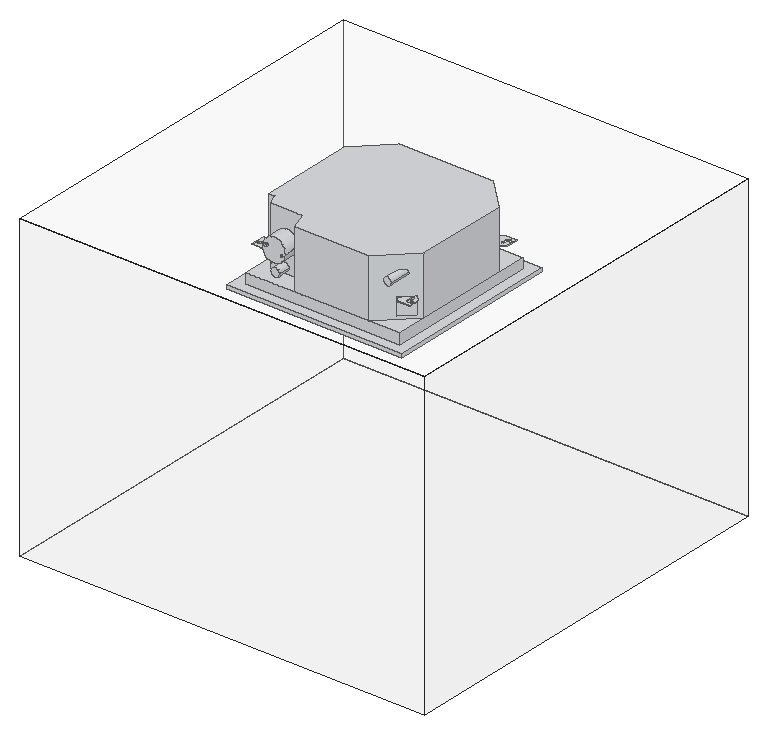
Revit family "plfy-mp22_71gm_50Hz", category 機械設備, Revit 2019
Family settings
  丸型コネクタ寸法 = 直径を使用
  パーツ タイプ = 標準
  OmniClass 番号 = 23.75.10.24.21.27.27
  OmniClass タイトル = Split System Air Conditioning Units
  作業面ベース = いいえ
  常に垂直 = はい
  ロード時にボイドで切り取り = いいえ
  共有 = いいえ
  部屋計算ポイント = はい
Parameters (values of type "天井4方向_PLFY-MP22GM")
  風量_弱 (㎥/min) = 8.5
  風量_強 (㎥/min) = 10
  風量_中2 (㎥/min) = 9
  風量_中 (㎥/min) = 9.5
  風量 = MAX風量  # 600.0 m³/h
  音響パワーレベル_強 (dB) = 50
  音響パワーレベル_弱 (dB) = 47
  音響パワーレベル_中2 (dB) = 48
  音響パワーレベル_中 (dB) = 49
  音響パワーレベル(dB) = [音響パワーレベル_強 (dB)]  # 50
  電源種別 = ""
  電源_H = 0 mm
  電圧 = 200 V
  電動機出力_送風機 = 0.05 kW
  運転質量 = 0.00 kg
  連動 = ""
  質量 = if(製品質量 > 運転質量, 製品質量, 運転質量) * 1.2  # 23.52 kg
  負荷分類 = 3_ファン類
  製品質量_本体 = 16.00 kg
  製品質量_パネル = 3.60 kg
  構成品番 = "PLFY-MP22GM"
  ドレン管径 (外径) = 32.00 mm
  ドレン管径 = 25.00 mm
  サービススペース = yes
  【値が 0 の項目は組合せ形名にてご確認ください】 = ""
  URL = "https://www.mitsubishielectric.co.jp/ldg/wink/ssl/top.do"
  説明 = "ビル用マルチ 4方向天井カセット形<コンパクトタイプ>"
  設計暖房能力 = 0.00 kW
  設計冷房能力_顕熱 = 0 kW
  設計冷房能力 = 0 kW
  設置方法 = "カセット形"
  記号 = ""
  製造元 = "三菱電機株式会社"
  製品質量 = 製品質量_本体 + 製品質量_パネル  # 19.60 kg
  製品出荷対象 = "国内"
  製品リリース年月 = ""
  製品グループ = ""
  系統 = ""
  符号 = "PAC-CK4"
  積算_科目 = "1 空気調和設備"
  積算_拾い区分 [instance] = ""
  相 = 1
  盤記号 = ""
  発停方法 = "付属スイッチ"
  特殊仕様 = ""
  火災停止 = ""
  消費電力_暖房 = 0.02 kW
  消費電力_冷房 = 0.02 kW
  消費電力 = if(消費電力_冷房 > 消費電力_暖房, 消費電力_冷房, 消費電力_暖房)  # 0.02 kW
  法定耐用年数 = "6"
  極数 = 1
  材質 = ""
  本体マテリアル = none
  有効加湿量 = 0
  暖房能力 = 2.50 kW
  推奨ブレーカー容量 = 0 A
  形式_加湿器 = ""
  形式 = "カセット形（4方向吹出形）"
  幹線記号 = ""
  始動方式 = "直入"
  呼称 = "パッケージ形空気調和機_室内機"
  周波数 = 50 Hz
  吊り位置Y = 507 mm
  吊り位置X = 640 mm
  吊りボルト_H = 134 mm
  台数_手元リモコン = ""
  台数_冷媒分岐ユニット = ""
  参照している仕様書等のバージョン = "公共建築工事標準仕様書（機械設備工事編）平成31年度版"
  分類コード = "50053003123030"
  分類グループ = ""
  冷房能力 = 2.2 kW
  冷媒管径符号 = "Ac"
  冷媒管径 = 100.00 mm
  冷媒液管高さ = 159 mm
  冷媒液管長さ = 71 mm
  冷媒液管径 = 6.35 mm
  冷媒ガス管高さ = 183 mm
  冷媒ガス管長さ = 76 mm
  冷媒ガス管径 = 12.70 mm
  企業コード = "108420"
  付属品_フィルター = ""
  付属品 = ""
  仕様書バージョン = "Version1.0"
  Model = ""
  パネルマテリアル = none
  ドレン管高さ = 227 mm
  コメント [instance] = ""
  ケーブル種類 = ""
  ケーブルサイズ = 0 mm
  Width = 670 mm
  Version = ""
  Uniclass2015Version = "Systems v1.9"
  Uniclass2015Title = "Split coil remote air cooled condensing units"
  Uniclass2015Code = "Pr_70_65_03_84"
  SpecificationReference = ""
  SpecificationDescription = ""
  Revision = ""
  ProductInformation = ""
  Panel Width = 760 mm
  Panel Height = 15 mm
  Panel Depth = 760 mm
  OmniClassCode = "23-33 17 13 11"
  MIN風量 = [風量_弱 (㎥/min)] * 60.0 m³/h  # 510.0 m³/h
  MID風量2 = [風量_中2 (㎥/min)] * 60.0 m³/h  # 540.0 m³/h
  MID風量 = [風量_中 (㎥/min)] * 60.0 m³/h  # 570.0 m³/h
  MAX風量 = [風量_強 (㎥/min)] * 60.0 m³/h  # 600.0 m³/h
  IfcTypeProduct = ""
  IfcProduct = ""
  IfcExportType = "AIRCONDITIONINGUNIT"
  IfcExportAs = "IfcUnitaryEquipmentType"
  Height = 298 mm
  Depth = 670 mm
  価格 = 0
  Clearance Top = 305 mm
  Clearance Right = 500 mm
  Clearance Left = 500 mm
  Clearance Front = 500 mm
  Clearance Bottom = 1000 mm
  Clearance Back = 500 mm
  Author = "三菱電機株式会社"
Types (6, lengths in mm): name | 風量_弱 (㎥/min) | 風量_強 (㎥/min) | 風量_中2 (㎥/min) | 風量_中 (㎥/min) | 風量 | 音響パワーレベル_強 (dB) | 音響パワーレベル_弱 (dB) | 音響パワーレベル_中2 (dB) | 音響パワーレベル_中 (dB) | 音響パワーレベル(dB) | 質量 | 製品質量_本体 | 構成品番 | 製品質量 | 消費電力_暖房 | 消費電力_冷房 | 消費電力 | 暖房能力 | 冷房能力 | 冷媒管径符号 | 冷媒液管長さ | 冷媒液管径 | 冷媒ガス管長さ | 冷媒ガス管径 | MIN風量 | MID風量2 | MID風量 | MAX風量
  天井4方向_PLFY-MP22GM | 8.5 | 10 | 9 | 9.5 | 600.0 m³/h | 50 | 47 | 48 | 49 | 50 | 23.52 kg | 16.00 kg | "PLFY-MP22GM" | 19.60 kg | 0.02 kW | 0.02 kW | 0.02 kW | 2.50 kW | 2.2 kW | "Ac" | 71 | 6.35 | 76 | 12.70 | 510.0 m³/h | 540.0 m³/h | 570.0 m³/h | 600.0 m³/h
  天井4方向_PLFY-MP28GM | 8.5 | 10 | 9 | 9.5 | 600.0 m³/h | 50 | 47 | 48 | 49 | 50 | 23.52 kg | 16.00 kg | "PLFY-MP28GM" | 19.60 kg | 0.02 kW | 0.02 kW | 0.02 kW | 3.20 kW | 2.8 kW | "Ac" | 71 | 6.35 | 76 | 12.70 | 510.0 m³/h | 540.0 m³/h | 570.0 m³/h | 600.0 m³/h
  天井4方向_PLFY-MP36GM | 9.5 | 12 | 10 | 10.5 | 720.0 m³/h | 54 | 49 | 50 | 51 | 54 | 23.52 kg | 16.00 kg | "PLFY-MP36GM" | 19.60 kg | 0.03 kW | 0.03 kW | 0.03 kW | 4.00 kW | 3.6 kW | "Ac" | 71 | 6.35 | 76 | 12.70 | 570.0 m³/h | 600.0 m³/h | 630.0 m³/h | 720.0 m³/h
  天井4方向_PLFY-MP45GM | 9.5 | 12.5 | 10 | 10.5 | 750.0 m³/h | 54 | 49 | 50 | 52 | 54 | 23.52 kg | 16.00 kg | "PLFY-MP45GM" | 19.60 kg | 0.03 kW | 0.03 kW | 0.03 kW | 5.00 kW | 4.5 kW | "Ac" | 71 | 6.35 | 76 | 12.70 | 570.0 m³/h | 600.0 m³/h | 630.0 m³/h | 750.0 m³/h
  天井4方向_PLFY-MP56GM | 10 | 13 | 11.5 | 12.5 | 780.0 m³/h | 55 | 50 | 53 | 54 | 55 | 24.72 kg | 17.00 kg | "PLFY-MP56GM" | 20.60 kg | 0.03 kW | 0.03 kW | 0.03 kW | 6.30 kW | 5.6 kW | "Ac" | 71 | 6.35 | 76 | 12.70 | 600.0 m³/h | 690.0 m³/h | 750.0 m³/h | 780.0 m³/h
  天井4方向_PLFY-MP71GM | 11 | 15 | 11.5 | 12.5 | 900.0 m³/h | 58 | 53 | 54 | 56 | 58 | 24.72 kg | 17.00 kg | "PLFY-MP71GM" | 20.60 kg | 0.04 kW | 0.04 kW | 0.04 kW | 8.00 kW | 7.1 kW | "Bd" | 75 | 9.52 | 80 | 15.88 | 660.0 m³/h | 690.0 m³/h | 750.0 m³/h | 900.0 m³/h
Reference planes
  plane 1 "中心(正面/背面)": y = 0
  plane 2: z = 0
  plane 3 "中心(左/右)": x = 0
  plane 4: x = -380
  plane 5: x = 380
  plane 6: y = 380
  plane 7: y = -380
  plane 8: z = 298
  plane 9: z = 305
  plane 10: x = -320
  plane 11: x = 320
  plane 12: y = 253.5
  plane 13: y = -253.5
  plane 14: z = 46
  plane 15: y = 335
  plane 16: y = -335
  plane 17: x = -335
  plane 18: x = 335
  plane 19: x = -880
  plane 20: x = 880
  plane 21: y = 880
  plane 22: y = -880
  plane 23: z = 298
  plane 24: z = -15
  plane 25: z = -1015
  plane 26: z = 305
  plane 27 "冷媒管基準面": y = -255
  plane 28: x = -186
  plane 29: z = 159
  plane 30: y = -331
  plane 31: y = -326
Forms (mm)
  Extrusion 1, solid, detail levels fine
    sketch origin (0, -255, 15) x (1, 0, 0) y (0, 0, 1)
      loop
        circle (-186, 144) r 3.175
    from 0 to 71
  Extrusion 2, solid, detail levels fine
    sketch origin (-67, -255, 39) x (1, 0, 0) y (0, 0, 1)
      loop
        circle (-186, 144) r 6.35
    from 0 to 76
Dimensions and locks
  equal spacing: plane 4, plane 3 "中心(左/右)", plane 5
  plane 4 to plane 5 = 760 mm
  equal spacing: plane 7, plane 1 "中心(正面/背面)", plane 6
  plane 7 to plane 6 = 760 mm
  locked: plane 12 to plane 6 at 126.5
  plane 7 to plane 13 = 126.5 mm
  plane 4 to plane 10 = 60 mm
  locked: plane 11 to plane 5 at 60
  "吊り位置X": plane 10 to plane 11
  equal spacing: plane 10, plane 3 "中心(左/右)", plane 11
  equal spacing: plane 13, plane 1 "中心(正面/背面)", plane 12
  "吊り位置Y": plane 13 to plane 12
  equal spacing: plane 16, plane 1 "中心(正面/背面)", plane 15
  "Depth": plane 16 to plane 15
  equal spacing: plane 17, plane 3 "中心(左/右)", plane 18
  "Width": plane 17 to plane 18
  locked: plane 14 to level at 46
  "Clearance Left": plane 19 to plane 4
  "Clearance Right": plane 5 to plane 20
  "Clearance Back": plane 6 to plane 21
  locked: level to plane 24 at 15
  "Clearance Bottom": plane 24 to plane 25
  "Clearance Front": plane 22 to plane 7
  "Clearance Top": plane 26 to plane 2
  "Height": level to nested 3
  plane 29 to plane 2 = 159 mm
  nested 3 to level = 134 mm
  "冷媒液管長さ": plane 31 to plane 27 "冷媒管基準面"
  "冷媒ガス管長さ": plane 30 to plane 27 "冷媒管基準面"
  aligned and locked: level to plane 2
  aligned and locked: plane 10 to nested 2
  aligned and locked: plane 11 to nested 2
  aligned and locked: nested 2 to plane 12
  aligned and locked: plane 13 to nested 2
  aligned and locked: plane 19 to nested 1
  aligned and locked: plane 20 to nested 1
  aligned and locked: plane 22 to nested 1
  aligned and locked: plane 21 to nested 1
  aligned and locked: plane 25 to nested 1
  aligned and locked: plane 5 to nested 3
  aligned and locked: plane 15 to nested 3
  aligned and locked: plane 6 to nested 3
  aligned and locked: plane 7 to nested 3
  aligned and locked: plane 26 to nested 1
  aligned and locked: plane 31 to Extrusion 1
  aligned and locked: plane 30 to Extrusion 2
Automatic sketch dimensions
  Extrusion 1 sketch curve to plane 28 = 0 mm
  Extrusion 1 sketch curve to plane 29 = 0 mm
  plane 29 to Extrusion 2 sketch curve = 24 mm
  plane 10 to Extrusion 2 sketch curve = 67 mm
  radius of Extrusion 1 sketch curve = 3.175 mm
  radius of Extrusion 2 sketch curve = 6.35 mm
Nested families
  nested 1: "サービススペース" at (0, 0, -355), visible <- "サービススペース", type "サービススペース"
    with Width 1760 mm, Height 1320 mm, Depth 1760 mm
  nested 2: "固定点" at (-320, -253.5, 0), type "固定点"
    with W 640 mm, D 507 mm
  nested 3: "PL-RP○○GA3" at (0, 0, 0), type "PL-RP○○GA3"
    with ユニット表示 yes, 液配管サイズ 6.35 mm
Connectors
  piping at (-219.5, -326, 171), diameter 100, driven by "冷媒管径", driven by "冷媒管径符号"
    settings: on nested 3, index 1, connector inside diameter 609.60 mm, connector length 0 mm, flow factor 0, pipe flow 0.0 L/s, pressure drop 0.0 Pa, fitting loss kfactor 0, connector angle 0.00°, fixture units 0, engagement length 0 mm, angle of deflection 0.00°, flow configuration 1, flow direction 1, fitting loss method 4, system type 7, joint type 0, gender type 0, connector reference index -1, connector utility 0, adjustable connector no, is connector primary yes, connector description "Ac"
  piping at (281, -332, 227), diameter 25, driven by "ドレン管径"
    settings: on nested 3, index 2, connector inside diameter 609.60 mm, connector length 0 mm, flow factor 0, pipe flow 0.0 L/s, pressure drop 0.0 Pa, fitting loss kfactor 0, connector angle 0.00°, fixture units 0, engagement length 0 mm, angle of deflection 0.00°, flow configuration 1, flow direction 2, fitting loss method 4, system type 16, joint type 0, gender type 0, connector reference index -1, connector utility 0, adjustable connector no, is connector primary no, connector description ""
  electrical at (-230, -305, 70), driven by "極数", driven by "負荷分類", driven by "電圧", driven by "消費電力"
    settings: on nested 3, index 3, voltage 200 V, apparent load 20 VA, apparent load phase1 0 VA, apparent load phase2 0 VA, apparent load phase3 0 VA, power factor 1, load classification "3_ファン類", number of poles 1, system type 30, power factor state 1, is connector primary yes, connector utility no, sub classification motor no, connector description ""
Definition of nested family "サービススペース"
  Parameters (values of type "サービススペース")
    Width [instance] = 500 mm
    Height [instance] = 500 mm
    Depth [instance] = 500 mm
  Reference planes
    plane 1 "中心(正面/背面)": y = 0
    plane 2: z = 0
    plane 3 "中心(左/右)": x = 0
    plane 4: y = -250
    plane 5: x = 250
    plane 6: y = 250
    plane 7: x = -250
    plane 8: z = 250
    plane 9: z = -250
  Forms (mm)
    Extrusion 1, solid
      sketch origin (-638.939, 0, 72.39) x (1, 0, 0) y (0, 1, 0)
        loop
          line (388.939, 250) -> (388.939, -250) -> (888.939, -250) -> (888.939, 250) -> (388.939, 250)
      from -322.39 to 177.61
  Lines and regions (mm)
    symbolic lines
      curve 1: line (-250, 0, 250) -> (250, 0, 250)
      curve 2: line (-250, 0, -250) -> (-250, 0, 250)
      curve 3: line (250, 0, -250) -> (-250, 0, -250)
      curve 4: line (250, 0, 250) -> (250, 0, -250)
      curve 5: line (0, -250, 250) -> (0, 250, 250)
      curve 6: line (0, -250, -250) -> (0, -250, 250)
      curve 7: line (0, 250, -250) -> (0, -250, -250)
      curve 8: line (0, 250, 250) -> (0, 250, -250)
      curve 9: line (-250, 250, 0) -> (250, 250, 0)
      curve 10: line (-250, -250, 0) -> (-250, 250, 0)
      curve 11: line (250, -250, 0) -> (-250, -250, 0)
      curve 12: line (250, 250, 0) -> (250, -250, 0)
  Dimensions and locks
    equal spacing: plane 7, plane 3 "中心(左/右)", plane 5
    equal spacing: plane 4, plane 1 "中心(正面/背面)", plane 6
    "Depth": plane 4 to plane 6
    "Width": plane 7 to plane 5
    equal spacing: plane 8, plane 2, plane 9
    "Height": plane 8 to plane 9
    aligned and locked: plane 9 to curve 3
    aligned and locked: plane 7 to curve 2
    aligned and locked: curve 4 to plane 5
    aligned and locked: plane 5 to Extrusion 1
    aligned and locked: Extrusion 1 to plane 7
    aligned and locked: Extrusion 1 to plane 9
    aligned and locked: plane 8 to Extrusion 1
    aligned and locked: plane 9 to curve 7
  Automatic sketch dimensions
    plane 4 to Extrusion 1 sketch curve = 0 mm
    Extrusion 1 sketch curve to plane 7 = 0 mm
    Extrusion 1 sketch curve to plane 5 = 0 mm
    plane 6 to Extrusion 1 sketch curve = 0 mm
    curve 2 to plane 8 = 0 mm
    plane 4 to curve 11 = 0 mm
    curve 11 to plane 7 = 0 mm
    curve 11 to plane 5 = 0 mm
    plane 6 to curve 10 = 0 mm
    curve 7 to plane 4 = 0 mm
    curve 7 to plane 6 = 0 mm
    curve 6 to plane 8 = 0 mm
Definition of nested family "PL-RP○○GA3"
  Parameters (values of type "PL-RP○○GA3")
    配線取出口サイズ = 36 mm
    配線取出口-Z = 70 mm
    配線取出口-Y = 50 mm
    配線取出口-X = 230 mm
    液配管サイズ = 6.4 mm
    A = 幅さ + 90 mm  # 760 mm
    高さ = 298 mm
    奥行き = 670 mm
    吊りボルト_H = 134 mm
    冷媒配管 = 100 mm
    冷媒液管径-Z = 159 mm
    冷媒液管径-Y = 71 mm
    冷媒液管径-X = 186 mm
    冷媒ガス管径-Z = 183 mm
    冷媒ガス管径-Y = 76 mm
    冷媒ガス管径-X = 253 mm
    ユニット表示 [instance] = yes
    ボルトピッチ = 507 mm
    ドレン配管サイズ = 32 mm
    ドレン管径-Z = 227 mm
    ドレン管径-Y = 77 mm
    ドレン管径-X = 281 mm
    ガス配管サイズ = 12.7 mm
    D = 幅さ - 30 mm  # 640 mm
    幅さ = 670 mm
    B = 幅さ + 40 mm  # 710 mm
  Reference planes
    plane 1 "中心(正面/背面)": y = 0
    plane 2: z = 0
    plane 3 "中心(左/右)": x = 0
    plane 4: x = -355
    plane 5: x = 355
    plane 6: x = -335
    plane 7: x = 335
    plane 8: x = -320
    plane 9: x = 320
    plane 10: y = 253.5
    plane 11: y = -253.5
    plane 12: y = 335
    plane 13: y = -335
    plane 14: x = -380
    plane 15: x = 380
    plane 16: z = -15
    plane 17: z = 46
    plane 18: z = 298
    plane 19: z = 134
    plane 20: z = 136
    plane 21: z = 227
    plane 22: z = 159
    plane 23: z = 183
    plane 24: z = 60
    plane 25: y = 380
    plane 26: y = -380
    plane 27: x = -253
    plane 28: x = -150
    plane 29: x = -123
    plane 30: x = -186
    plane 31: x = 281
    plane 32: x = 202
    plane 33: y = -255
    plane 34: y = -207
    plane 35: y = -331
    plane 36: y = -326
    plane 37 "ドレン管接続口": y = -332
    plane 38: y = -202
    plane 39: y = 291.5
    plane 40: y = 275.5
    plane 41: y = 263.5
    plane 42: x = -326
    plane 43: x = -314
    plane 44: x = -343
    plane 45: x = 314
    plane 46: x = 326
    plane 47: x = 343
    plane 48: y = -291.5
    plane 49: y = -275.5
    plane 50: y = -263.5
    plane 51: x = -230
    plane 52: y = 202
    plane 53: x = -202
    plane 54: z = 70
    plane 55: y = -305
  Forms (mm)
    Extrusion 1, solid, visible <- "ユニット表示"
      sketch origin (0, 0, 0) x (1, 0, 0) y (0, 1, 0)
        loop
          line (-380, 380) -> (-380, -380) -> (380, -380) -> (380, 380) -> (-380, 380)
      from -15 to 0
    Extrusion 2, solid, visible <- "ユニット表示", detail levels fine
      sketch origin (0, 0, 0) x (1, 0, 0) y (0, 1, 0)
        loop
          line (-203.39, 335) -> (-335, 203.39) -> (-335, -207) -> (-309.258, -207) -> (-288.883, -255) -> (-150, -255) -> (-123.033, -335) -> (202, -335) -> (335, -202) -> (335, 203.39) -> (203.39, 335) -> (-203.39, 335)
      from 46 to 298
    Extrusion 3, solid, visible <- "ユニット表示", detail levels fine
      sketch origin (0, 0, 0) x (1, 0, 0) y (0, 1, 0)
        loop
          line (335, 335) -> (-335, 335) -> (-335, -335) -> (335, -335) -> (335, 335)
      from 0 to 46
    Extrusion 4, solid, visible <- "ユニット表示", detail levels fine
      sketch origin (0, 0, 0) x (1, 0, 0) y (0, 0, 1)
        loop
          circle (-219.5, 171) r 50
      from 255 to 326
    Extrusion 5, solid, visible <- "ユニット表示", detail levels fine
      sketch origin (0, 0, 0) x (1, 0, 0) y (0, 1, 0)
        loop
          line (-343, -291.5) -> (-300.314, -291.5) -> (-290.686, -250.751) -> (-306.998, -212.324) -> (-343, -227.606) -> (-343, -263.5) -> (-329, -263.5)
          arc (-329, -263.5) -> (-326.879, -262.621) -> (-326, -260.5) r 3
          line (-326, -260.5) -> (-326, -249.5)
          arc (-326, -249.5) -> (-320, -243.5) -> (-314, -249.5) r 6
          line (-314, -249.5) -> (-314, -269.478)
          arc (-314, -269.478) -> (-315.757, -273.721) -> (-320, -275.5) r 6
          line (-320, -275.5) -> (-343, -275.5) -> (-343, -291.5)
        loop
          line (-343, 275.5) -> (-320, 275.5)
          arc (-320, 275.5) -> (-315.757, 273.743) -> (-314, 269.5) r 6
          line (-314, 269.5) -> (-314, 249.5)
          arc (-314, 249.5) -> (-320, 243.5) -> (-326, 249.5) r 6
          line (-326, 249.5) -> (-326, 260.5)
          arc (-326, 260.5) -> (-326.879, 262.621) -> (-329, 263.5) r 3
          line (-329, 263.5) -> (-343, 263.5) -> (-343, 244.959) -> (-318.215, 220.175) -> (-270.214, 268.176) -> (-293.539, 291.5) -> (-343, 291.5) -> (-343, 275.5)
        loop
          line (343, 291.5) -> (293.539, 291.5) -> (270.214, 268.176) -> (318.215, 220.175) -> (343, 244.959) -> (343, 263.5) -> (329, 263.5)
          arc (329, 263.5) -> (326.879, 262.621) -> (326, 260.5) r 3
          line (326, 260.5) -> (326, 249.5)
          arc (326, 249.5) -> (320, 243.5) -> (314, 249.5) r 6
          line (314, 249.5) -> (314, 269.5)
          arc (314, 269.5) -> (315.757, 273.743) -> (320, 275.5) r 6
          line (320, 275.5) -> (343, 275.5) -> (343, 291.5)
        loop
          line (293.539, -291.5) -> (343, -291.5) -> (343, -275.5) -> (320, -275.5)
          arc (320, -275.5) -> (315.757, -273.743) -> (314, -269.5) r 6
          line (314, -269.5) -> (314, -249.5)
          arc (314, -249.5) -> (320, -243.5) -> (326, -249.5) r 6
          line (326, -249.5) -> (326, -260.5)
          arc (326, -260.5) -> (326.879, -262.621) -> (329, -263.5) r 3
          line (329, -263.5) -> (343, -263.5) -> (343, -244.959) -> (317.52, -219.48) -> (269.519, -267.481) -> (293.539, -291.5)
      from 134 to 136
    Extrusion 6, solid, visible <- "ユニット表示", detail levels fine
      sketch origin (0, 0, 0) x (1, 0, 0) y (0, 1, 0)
        loop
          line (-306.998, -212.324) -> (-308.839, -213.105) -> (-291.463, -254.04) -> (-289.622, -253.258) -> (-306.998, -212.324)
        loop
          line (-271.629, 269.59) -> (-319.63, 221.589) -> (-318.245, 220.204) -> (-270.244, 268.205) -> (-271.629, 269.59)
        loop
          line (271.629, 269.59) -> (270.244, 268.205) -> (318.245, 220.204) -> (319.63, 221.589) -> (271.629, 269.59)
        loop
          line (270.934, -268.895) -> (318.935, -220.894) -> (317.52, -219.48) -> (269.519, -267.481) -> (270.934, -268.895)
      from 60 to 136
    Extrusion 7, solid, visible <- "ユニット表示", detail levels fine
      sketch origin (0, 0, 0) x (1, 0, 0) y (0, 0, 1)
        loop
          circle (-230, 70) r 18
      from 255 to 305
    Extrusion 8, solid, detail levels fine
      sketch origin (0, -332, 0) x (-1, 0, 0) y (0, 0, 1)
        loop
          circle (-281, 227) r 16
      from 0 to 100
  Cuts and joins
    joined: Extrusion 5, Extrusion 6
  Dimensions and locks
    equal spacing: plane 4, plane 3 "中心(左/右)", plane 5
    "B": plane 4 to plane 5
    equal spacing: plane 6, plane 3 "中心(左/右)", plane 7
    "幅さ": plane 6 to plane 7
    equal spacing: plane 8, plane 3 "中心(左/右)", plane 9
    "D": plane 8 to plane 9
    equal spacing: plane 11, plane 1 "中心(正面/背面)", plane 10
    "ボルトピッチ": plane 10 to plane 11
    equal spacing: plane 12, plane 1 "中心(正面/背面)", plane 13
    "奥行き": plane 12 to plane 13
    "A": plane 14 to plane 15
    equal spacing: plane 14, plane 3 "中心(左/右)", plane 15
    locked: plane 2 to plane 16 at 15
    locked: plane 17 to plane 2 at 46
    "吊りボルト_H": plane 19 to level
    locked: plane 20 to plane 19 at 2
    "ドレン管径-Z": plane 21 to level
    "冷媒液管径-Z": plane 22 to level
    "冷媒ガス管径-Z": plane 23 to level
    plane 24 to level = 60 mm
    equal spacing: plane 25, plane 1 "中心(正面/背面)", plane 26
    "A": plane 25 to plane 26
    locked: plane 6 to plane 28 at 185
    locked: plane 6 to plane 29 at 212
    locked: plane 32 to plane 7 at 133
    "冷媒ガス管径-X": plane 27 to plane 3 "中心(左/右)"
    "冷媒液管径-X": plane 30 to plane 3 "中心(左/右)"
    "ドレン管径-X": plane 3 "中心(左/右)" to plane 31
    locked: plane 33 to plane 13 at 80
    locked: plane 34 to plane 13 at 128
    "冷媒ガス管径-Y": plane 33 to plane 35
    "冷媒液管径-Y": plane 33 to plane 36
    "ドレン管径-Y": plane 33 to plane 37 "ドレン管接続口"
    locked: plane 38 to plane 13 at 133
    equal spacing: plane 30, Extrusion 4 sketch curve, plane 27
    equal spacing: plane 23, Extrusion 4 sketch curve, plane 22
    locked: plane 44 to plane 8 at 23
    plane 42 to plane 8 to plane 43 = 6 mm locked, 6 mm locked
    locked: plane 9 to plane 47 at 23
    plane 45 to plane 9 to plane 46 = 6 mm locked, 6 mm locked
    plane 11 to plane 50 to plane 49 to plane 48 = 10 mm locked, 12 mm locked, 16 mm locked
    plane 39 to plane 40 to plane 41 to plane 10 = 16 mm locked, 12 mm locked, 10 mm locked
    locked: Extrusion 5 sketch curve to plane 11 at 4  (x2)
    locked: plane 10 to Extrusion 5 sketch curve at 4  (x2)
    "配線取出口-X": plane 51 to plane 3 "中心(左/右)"
    "配線取出口-Z": plane 54 to level
    "配線取出口-Y": plane 33 to plane 55
    locked: cut or joined group of Extrusion 5, Extrusion 6 to Extrusion 6 sketch curve at 2
    locked: Extrusion 6 sketch curve to Extrusion 2 at 2  (x3)
    "高さ": plane 18 to level
    "冷媒配管": diameter of Extrusion 4 sketch curve
    radius of Extrusion 5 sketch curve = 6 mm  (x8)
    radius of Extrusion 5 sketch curve = 3 mm  (x4)
    "配線取出口サイズ": diameter of Extrusion 7 sketch curve
    aligned and locked: level to plane 2
    aligned and locked: Extrusion 1 sketch curve to plane 25
    aligned and locked: plane 14 to Extrusion 1 sketch curve
    aligned and locked: plane 26 to Extrusion 1 sketch curve
    aligned and locked: Extrusion 1 sketch curve to plane 15
    aligned and locked: level to Extrusion 1
    aligned and locked: Extrusion 1 to plane 16
    aligned and locked: plane 18 to Extrusion 2
    aligned and locked: Extrusion 2 to plane 17
    aligned and locked: Extrusion 3 sketch curve to plane 7
    aligned and locked: Extrusion 3 sketch curve to plane 13
    aligned and locked: Extrusion 3 sketch curve to plane 6
    aligned and locked: Extrusion 3 sketch curve to plane 12
    aligned and locked: Extrusion 3 to level
    aligned and locked: plane 17 to Extrusion 3
    aligned and locked: plane 28 to Extrusion 2 sketch curve
    aligned and locked: plane 34 to Extrusion 2 sketch curve
    aligned and locked: Extrusion 2 sketch curve to plane 13
    aligned and locked: Extrusion 2 sketch curve to plane 7
    aligned and locked: Extrusion 2 sketch curve to plane 12
    aligned and locked: Extrusion 2 sketch curve to plane 6
    aligned and locked: plane 7 to Extrusion 2 sketch curve
    aligned and locked: plane 38 to Extrusion 2 sketch curve
    aligned and locked: plane 32 to Extrusion 2 sketch curve
    aligned and locked: plane 13 to Extrusion 2 sketch curve
    aligned and locked: plane 44 to Extrusion 5 sketch curve  (x2)
    aligned and locked: Extrusion 5 sketch curve to plane 50
    aligned and locked: plane 49 to Extrusion 5 sketch curve
    aligned and locked: Extrusion 5 sketch curve to plane 48
    aligned and locked: plane 43 to Extrusion 5 sketch curve
    aligned and locked: plane 42 to Extrusion 5 sketch curve  (x2)
    aligned and locked: Extrusion 6 to plane 24
    aligned and locked: plane 20 to Extrusion 6
    aligned and locked: plane 39 to Extrusion 5 sketch curve  (x2)
    aligned and locked: Extrusion 5 sketch curve to plane 44  (x2)
    aligned and locked: plane 41 to Extrusion 5 sketch curve  (x2)
    aligned and locked: Extrusion 5 sketch curve to plane 40  (x2)
    aligned and locked: Extrusion 5 sketch curve to plane 43
    aligned and locked: Extrusion 5 sketch curve to Extrusion 2  (x3)
    aligned and locked: plane 47 to Extrusion 5 sketch curve  (x4)
    aligned and locked: plane 45 to Extrusion 5 sketch curve  (x2)
    aligned and locked: Extrusion 5 sketch curve to plane 46  (x2)
    aligned and locked: plane 50 to Extrusion 5 sketch curve
    aligned and locked: plane 48 to Extrusion 5 sketch curve
    aligned and locked: Extrusion 5 sketch curve to plane 49
    aligned and locked: plane 51 to Extrusion 7 sketch curve
    aligned and locked: plane 54 to Extrusion 7 sketch curve
    aligned and locked: Extrusion 7 to Extrusion 2
    aligned and locked: plane 55 to Extrusion 7
    aligned and locked: cut or joined group of Extrusion 5, Extrusion 6 to cut or joined group of Extrusion 5, Extrusion 6  (x2)
    aligned and locked: Extrusion 6 sketch curve to cut or joined group of Extrusion 5, Extrusion 6  (x3)
    aligned and locked: cut or joined group of Extrusion 5, Extrusion 6 to Extrusion 6 sketch curve  (x2)
    aligned and locked: Extrusion 2 to Extrusion 6 sketch curve
    aligned and locked: cut or joined group of Extrusion 5, Extrusion 6 to plane 19
    aligned and locked: plane 20 to cut or joined group of Extrusion 5, Extrusion 6
    aligned and locked: Extrusion 4 to plane 36
  Automatic sketch dimensions
    Extrusion 2 sketch curve to plane 33 = 0 mm
    plane 43 to Extrusion 2 sketch curve = 4.742 mm
    plane 43 to Extrusion 2 sketch curve = 25.117 mm
    Extrusion 2 sketch curve to plane 30 = 17.39 mm
    Extrusion 2 sketch curve to plane 29 = 0.033 mm
    plane 32 to Extrusion 2 sketch curve = 1.39 mm
    Extrusion 2 sketch curve to plane 10 = 50.11 mm  (x2)
    Extrusion 5 sketch curve to plane 8 = 0 mm
    Extrusion 5 sketch curve to plane 8 = 13.002 mm
    Extrusion 5 sketch curve to plane 43 = 13.686 mm
    plane 50 to Extrusion 5 sketch curve = 12.749 mm
    Extrusion 5 sketch curve to Extrusion 5 sketch curve = 9.627 mm
    Extrusion 5 sketch curve to plane 50 = 5.978 mm
    plane 34 to Extrusion 5 sketch curve = 20.606 mm
    plane 8 to Extrusion 6 sketch curve = 1.755 mm
    Extrusion 6 sketch curve to plane 11 = 0.54 mm
    Extrusion 6 sketch curve to Extrusion 6 sketch curve = 1.385 mm
    Extrusion 6 sketch curve to plane 49 = 6.605 mm
    Extrusion 6 sketch curve to plane 9 = 2.48 mm
    Extrusion 6 sketch curve to Extrusion 6 sketch curve = 1.414 mm
    Extrusion 5 sketch curve to plane 8 = 1.785 mm
    Extrusion 5 sketch curve to plane 41 = 4.676 mm  (x2)
    plane 9 to Extrusion 5 sketch curve = 1.785 mm
    Extrusion 5 sketch curve to plane 50 = 3.981 mm
    plane 9 to Extrusion 5 sketch curve = 2.48 mm
    Extrusion 8 sketch curve to plane 21 = 0 mm
    Extrusion 8 sketch curve to plane 31 = 0 mm
    radius of Extrusion 8 sketch curve = 16 mm
Definition of nested family "固定点"
  Parameters (values of type "固定点")
    中心円 = 20 mm
    W [instance] = 1000 mm
    D [instance] = 1000 mm
  Reference planes
    plane 1 "中心(正面/背面)": y = 0
    plane 2: z = 0
    plane 3 "中心(左/右)": x = 0
    plane 4: x = 1000
    plane 5: y = 1000
  Lines and regions (mm)
    symbolic lines, detail levels fine
      curve 1: circle (0, 1000, 0) r 10 normal (0, 0, 1)
      curve 2: circle (0, 0, 0) r 10 normal (0, 0, 1)
      curve 3: circle (1000, 1000, 0) r 10 normal (0, 0, 1)
      curve 4: circle (1000, 0, 0) r 10 normal (0, 0, 1)
      curve 5: line (-200, 1000, 0) -> (1200, 1000, 0)
      curve 6: line (-200, 0, 0) -> (1200, 0, 0)
      curve 7: line (0, 1200, 0) -> (0, -200, 0)
      curve 8: line (1000, 1200, 0) -> (1000, -200, 0)
  Dimensions and locks
    "W": plane 3 "中心(左/右)" to plane 4
    "D": plane 1 "中心(正面/背面)" to plane 5
    "中心円": diameter of curve 1
    "中心円": diameter of curve 2
    "中心円": diameter of curve 3
    "中心円": diameter of curve 4
    aligned and locked: level to plane 2
    aligned and locked: plane 5 to curve 1
    aligned and locked: plane 3 "中心(左/右)" to curve 1
    aligned and locked: plane 3 "中心(左/右)" to curve 2
    aligned and locked: plane 1 "中心(正面/背面)" to curve 2
    aligned and locked: plane 4 to curve 3
    aligned and locked: plane 5 to curve 3
    aligned and locked: plane 1 "中心(正面/背面)" to curve 4
    aligned and locked: plane 4 to curve 4
    aligned and locked: plane 1 "中心(正面/背面)" to curve 6
    aligned and locked: curve 7 to plane 3 "中心(左/右)"
    aligned and locked: curve 8 to plane 4
  Automatic sketch dimensions
    curve 5 to plane 5 = 0 mm
    curve 6 to plane 3 "中心(左/右)" = 200 mm
    curve 5 to plane 3 "中心(左/右)" = 200 mm
    curve 4 to curve 6 = 200 mm
    curve 3 to curve 5 = 200 mm
    plane 1 "中心(正面/背面)" to curve 8 = 200 mm
    plane 1 "中心(正面/背面)" to curve 7 = 200 mm
    curve 3 to curve 8 = 200 mm
    curve 1 to curve 7 = 200 mm
